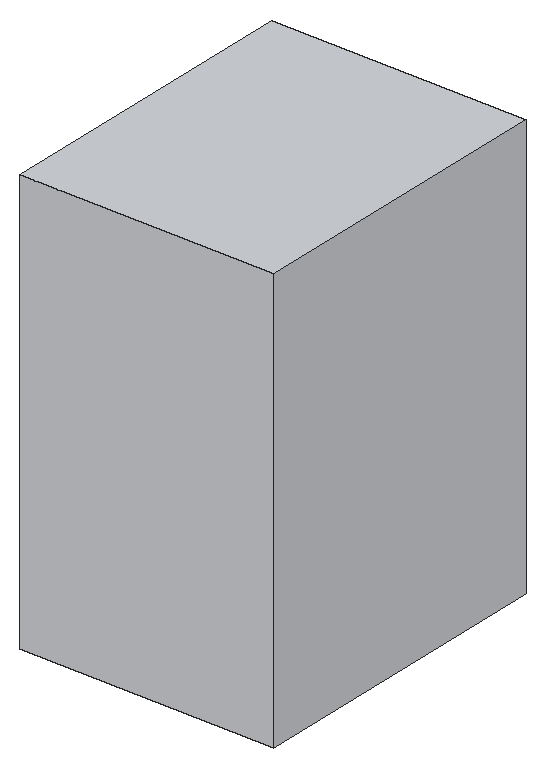
Revit family
Parameters
  Warranty Duration (Years) = 0
  Unit Width [instance] = 0' - 0"
  Unit Height [instance] = 0' - 0"
  Unit Depth = 0' - 0"
  URL = "http://www.americanspecialties.com/viewCategories.cfm"
  Trim Material = Metal - Stainless Steel
  Test Data = ""
  Specification = "http://www.arcat.com/sdspecs/htm/10810asi.htm"
  SpecWizard = ""
  Send Message = "http://www.arcat.com/users.pl?action=UserEmail&company=American%20Specialties,%20Inc.&coid=30448&rep=139&fax=914-476-0688&mf="
  Sales Information = "http://www.americanspecialties.com/contact"
  Revision = "R1_10-2010"
  Product Properties = "http://www.americanspecialties.com/datasheets/20030.pdf"
  Product Data = "http://www.arcat.com/arcatcos/cos30/arc30448.html"
  Paper Roll = Paper
  Model = "As Specified in 10 28 13"
  Manufacturer Website = "http://www.americanspecialties.com/viewCategories.cfm"
  Manufacturer Phone - Toll Free = ""
  Manufacturer Phone = "914-476-9000 "
  Manufacturer Fax = "914-476-0688"
  Manufacturer Address = "441 Saw Mill River Rd., Yonkers, NY 10701"
  Manufacturer = "American Specialties, Inc."
  Maintenance Schedule (Months) = 0
  Keynote = "10 28 13"
  Installation-Fabrication = "http://www.americanspecialties.com/products.cfm"
  Green Building-LEED = ""
  Expected Lifespan (Years) = 0
  Drawn By = "Robert S. Weygant. CSI, CDT, SCIP"  # constant formula
  Description = "Toilet Accessory as Specified in 10 28 13"
  Default Elevation = 4' - 0"
  Copyright = "©Arcat Inc."
  Construction Details = "http://www.arcat.com/green/clients/leed_data_30448.html"
  Building Codes = "http://www.americanspecialties.com/products.cfm"
  Body Material = Metal - Stainless Steel
  Assembly Code = "C1030210"
Reference planes (in)
  plane 1 "Center (Front/Back)": y = -0.29112
  plane 2 "Floor Line": z = 0
  plane 3 "Center (Left/Right)": x = -0.65843
Forms (in)
  Extrusion 1, solid
    sketch origin (-3, -9, -6) x (0, 0, -1) y (1, 0, 0)
      loop
        line (-82, 26) -> (-82, -19.34712) -> (-6, -19.34712) -> (-6, 26) -> (-82, 26)
    from 15.29112 to -41.06337
  Extrusion 2, solid, material "Metal - Stainless Steel" <- "Body Material"
    sketch origin (-10.05294, 1.25001, 0) x (1, 0, 0) y (0, 1, 0)
      loop
        line (6.36326, 4.52137) -> (6.36326, -7.60363) -> (12.42576, -7.60363) -> (12.42576, 4.52137) -> (6.36326, 4.52137)
      loop
        arc (7.76951, -4.85363) -> (7.64451, -4.97863) -> (7.76951, -5.10363) r 0.125
        line (7.76951, -5.10363) -> (8.26951, -5.10363)
        arc (8.26951, -5.10363) -> (8.39451, -4.97863) -> (8.26951, -4.85363) r 0.125
        line (8.26951, -4.85363) -> (7.76951, -4.85363)
      loop
        arc (10.51951, -4.85363) -> (10.39451, -4.97863) -> (10.51951, -5.10363) r 0.125
        line (10.51951, -5.10363) -> (11.01951, -5.10363)
        arc (11.01951, -5.10363) -> (11.14451, -4.97863) -> (11.01951, -4.85363) r 0.125
        line (11.01951, -4.85363) -> (10.51951, -4.85363)
      loop
        arc (7.95701, 1.78312) -> (8.01951, 1.54987) -> (8.08201, 1.78312) r 0.125
        line (8.08201, 1.78312) -> (8.08201, 2.02137)
        arc (8.08201, 2.02137) -> (8.01951, 2.08387) -> (7.95701, 2.02137) r 0.0625
        line (7.95701, 2.02137) -> (7.95701, 1.78312)
      loop
        line (10.83201, 1.78312) -> (10.83201, 2.02137)
        arc (10.83201, 2.02137) -> (10.76951, 2.08387) -> (10.70701, 2.02137) r 0.0625
        line (10.70701, 2.02137) -> (10.70701, 1.78312)
        arc (10.70701, 1.78312) -> (10.76951, 1.54987) -> (10.83201, 1.78312) r 0.125
    from 0 to 4
  Extrusion 3, void
    sketch origin (0, 1.75159, 1.92709) x (1, 0, 0) y (0, 0, 1)
      loop
        line (1.59157, 4.47916) -> (-2.90843, 4.47916)
        arc (-2.90843, 4.47916) -> (-3.37247, 4.28695) -> (-3.56468, 3.82291) r 0.65625
        line (-3.56468, 3.82291) -> (-3.56468, -1.83334) -> (2.24782, -1.83334) -> (2.24782, 3.82291)
        arc (2.24782, 3.82291) -> (2.05561, 4.28695) -> (1.59157, 4.47916) r 0.65625
    from -3.95729 to 2.04271
  Extrusion 4, void
    sketch origin (0, 0.12501, 0) x (1, 0, 0) y (0, 1, 0)
      loop
        line (-3.56468, 5.58387) -> (-3.56468, -6.25988) -> (2.24782, -6.25988) -> (2.24782, 5.58387) -> (-3.56468, 5.58387)
    from 0.09375 to 4
  Extrusion 5, solid, material "Metal - Stainless Steel" <- "Body Material"
    sketch origin (2.27907, 0.12501, 0.25) x (0, 1, 0) y (0, 0, 1)
      loop
        line (-6.47863, 3.75) -> (-0.41613, 3.75) -> (-0.41613, 4.25) -> (-6.47863, 4.25) -> (-6.47863, 3.75)
    from -0.03125 to 0.09375
  Extrusion 6, solid, material "Metal - Stainless Steel" <- "Body Material"
    sketch origin (-3.59593, 0.12501, 0.25) x (0, 1, 0) y (0, 0, -1)
      loop
        line (-6.47863, -3.75) -> (-6.47863, -4.25) -> (-0.41613, -4.25) -> (-0.41613, -3.75) -> (-6.47863, -3.75)
    from -0.03125 to 0.09375
  Extrusion 7, solid, material "Paper" <- "Paper Roll"
    sketch origin (-0.65843, 0.08101, 0) x (0, 1, 0) y (0, 0, 1)
      loop
        circle (-3.34087, 2.99963) r 0.25
      loop
        circle (-3.34087, 2.99963) r 2.75
    from -2.8125 to 2.8125
  Extrusion 8, solid, material "Paper" <- "Paper Roll"
    sketch origin (-0.65843, -0.66324, 0) x (0, -1, 0) y (0, 0, -1)
      loop
        circle (-3.34087, -2.99963) r 0.25
      loop
        circle (-3.34087, -2.99963) r 2.75
    from -2.8125 to 2.8125
  Extrusion 9, solid, material "Metal - Stainless Steel" <- "Body Material"
    sketch origin (0, 1.75159, 1.92709) x (1, 0, 0) y (0, 0, 1)
      loop
        line (-3.68968, 2.07291) -> (2.37282, 2.07291) -> (2.37282, 3.82291)
        arc (2.37282, 3.82291) -> (2.15315, 4.35324) -> (1.62282, 4.57291) r 0.75
        line (1.62282, 4.57291) -> (-2.93968, 4.57291)
        arc (-2.93968, 4.57291) -> (-3.47001, 4.35324) -> (-3.68968, 3.82291) r 0.75
        line (-3.68968, 3.82291) -> (-3.68968, 2.07291)
    from -4.01979 to 2.04271
  Extrusion 10, solid, material "Metal - Stainless Steel" <- "Trim Material"
    sketch origin (0, 0.87501, 0.25) x (1, 0, 0) y (0, 1, 0)
      loop
        circle (-0.65843, 3.05401) r 0.5
      loop
        line (-0.72066, 3.45436) -> (-0.72066, 2.63922) -> (-0.59621, 2.63922) -> (-0.59621, 3.45436) -> (-0.72066, 3.45436)
    from 6.37061 to 6.25
Cuts and joins
  Extrusion 4 cuts Extrusion 2
  Extrusion 3 cuts Extrusion 9
Dimensions and locks (in)
  aligned and locked: Extrusion 1 to level
  aligned and locked: cut or joined group of Extrusion 2, Extrusion 4 to Extrusion 6
  aligned and locked: cut or joined group of Extrusion 2, Extrusion 4 to Extrusion 5
  aligned and locked: Extrusion 2 to Extrusion 4
